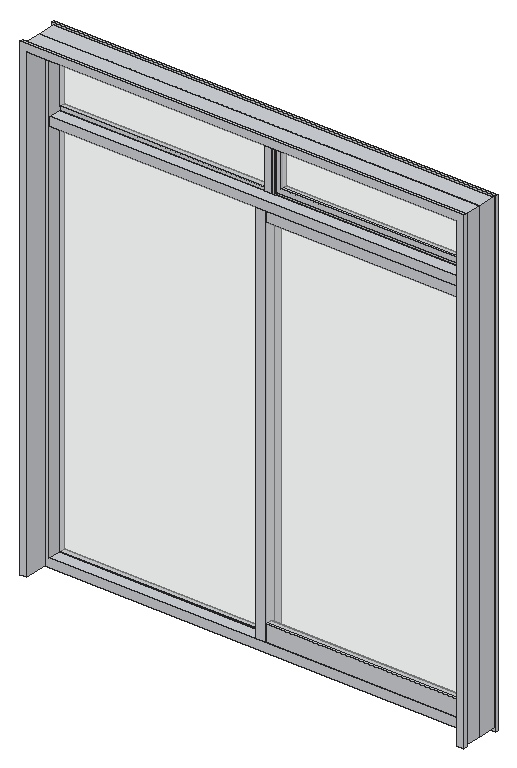
Revit family "APL Residential Thermal Heart Sliding Door SF with Overlight", category Doors, host Wall, Revit 2017
Family settings
  Host = Wall
  OmniClass Number = 23.30.10.00
  OmniClass Title = Doors
  Always vertical = Yes
  Cut with Voids When Loaded = No
  Shared = No
  Room Calculation Point = No
Parameters (values of type "Architrave")
  Rough Width = 2415 mm
  Rough Height = 2613 mm
  Liner Sill = no
  Liner Head = yes
  Liner End [instance] = 10 mm
  Liner [instance] = 106.7 mm
  Jamb Liner 2 = yes
  Jamb Liner 1 = yes
  Groove [instance] = 10 mm
  Function = Interior
  Frame Width Sill = 15 mm
  Frame Projection Ext. = 13 mm
  Frame Projection Int. = 20 mm
  Frame Width = 17.306 mm
  Height = Rough Height - 12.5 mm  # 2600.5 mm
  Wall Closure = By host
  Width = Rough Width - 15 mm  # 2400 mm
  Reveal Liner = no
  Door Lenght [instance] = 2200.5 mm
  Awning = 400 mm
  Arrow Opening = yes
  Architrave = yes
  Analytic Construction = "<None>"
Reference planes
  plane 1: y = 0
  plane 2 "Center (Left/Right)": x = -43
  plane 3 "Left": x = -1250.5
  plane 4 "Right": x = 1164.5
  plane 5: z = 2613
  plane 6 "Exterior": y = 100
  plane 7 "Interior": y = -100
  plane 8: z = 2213
Forms (mm)
  Extrusion 1, solid, visible <- "Architrave"
    sketch origin (0, -100, 0) x (1, 0, 0) y (0, 0, 1)
      loop
        line (-1250.5, 2613) -> (-1250.5, 0) -> (-1222.396, 0) -> (-1222.396, 2584.896) -> (1136.396, 2584.896) -> (1136.396, 0) -> (1164.5, 0) -> (1164.5, 2613) -> (-1250.5, 2613)
    from 0 to -103.35
  Extrusion 2, solid, visible <- "Architrave"
    sketch origin (-60, -100, 0) x (1, 0, 0) y (0, 0, 1)
      loop
        line (-1202, 2624.5) -> (-1202, 0) -> (-1162.396, 0) -> (-1162.396, 2584.896) -> (1196.396, 2584.896) -> (1196.396, -0.049) -> (1236, -0.049) -> (1236, 2624.5) -> (-1202, 2624.5)
    from 19.85 to 0
  Sweep 3, solid, visible <- "Reveal Liner"
    path origin (0, -100, 0) x (1, 0, 0) y (0, 0, 1)
      loop
        line (-1250.5, -0.049) -> (-1250.5, 2613) -> (1164.5, 2613) -> (1164.5, -0.049)
    profile origin (-1250.5, -100, 1306.475) x (-1, 0, 0) y (0, -1, 0)
      loop
        line (-9.104, 19.85) -> (-28.104, 19.85) -> (-28.104, -103.35) -> (0, -103.35) -> (0, -0.15) -> (-14.669, -0.15) -> (-14.669, 9.85) -> (-9.104, 9.85) -> (-9.104, 19.85)
  Extrusion 4, solid
    sketch origin (0, 100, -2.978) x (1, 0, 0) y (0, 0, 1)
      loop
        line (1164.5, 2615.978) -> (-1250.5, 2615.978) -> (-1250.5, 2.978) -> (1164.5, 2.978) -> (1164.5, 2615.978)
      loop
        line (1114, 2564.975) -> (-1200, 2564.975) -> (-1200, 50.478) -> (1114, 50.478) -> (1114, 2564.975)
    from 24.316 to 96.65
  Sweep 5, solid
    path origin (0, 100, 0) x (1, 0, 0) y (0, 0, 1)
      loop
        line (1199.692, 2647.7) -> (-1285.708, 2647.7) -> (-1285.708, -38.2) -> (1199.692, -38.2) -> (1199.692, 2647.7)
    profile origin (-1285.708, 100, 1304.75) x (0, -1, 0) y (1, 0, 0)
      loop
        line (-12.35, 22.708) -> (0, 22.708) -> (0, 42.708) -> (24.316, 42.708) -> (24.316, 66.708) -> (-18.35, 66.708) -> (-18.35, 43.708) -> (-12.35, 37.708) -> (-12.35, 22.708)
  Extrusion 6, solid
    sketch origin (-43, 0, 2243.4) x (0, 1, 0) y (0, 0, 1)
      loop
        line (45.951, -2195.899) -> (45.951, -2105.099) -> (9.95, -2105.099) -> (9.95, -2195.899) -> (45.951, -2195.899)
    from 25.41 to 1103.759
  Extrusion 7, solid
    sketch origin (0, 0, 0) x (1, 0, 0) y (0, 1, 0)
      loop
        line (1114, 45.951) -> (1060.759, 45.951) -> (1060.759, 9.95) -> (1114, 9.95) -> (1114, 45.951)
    from 47.5 to 2174.834
  Extrusion 8, solid
    sketch origin (0, 0, 0) x (1, 0, 0) y (0, 1, 0)
      loop
        line (-17.59, 40.65) -> (-17.59, 16.65) -> (1060.759, 16.65) -> (1060.759, 40.65) -> (-17.59, 40.65)
    from 138.3 to 2114.023
  Extrusion 9, solid
    sketch origin (0, 0, 0) x (1, 0, 0) y (0, 1, 0)
      loop
        line (-69.805, 78.85) -> (-69.805, 102.85) -> (-1200, 102.85) -> (-1200, 78.85) -> (-69.805, 78.85)
    from 47.5 to 2173.684
  Sweep 10, solid
    path origin (0, 100, 0) x (1, 0, 0) y (0, 0, 1)
      loop
        line (-69.805, 47.5) -> (-69.805, 2173.684) -> (-1200, 2173.684) -> (-1200, 47.5) -> (-69.805, 47.5)
    profile origin (-1200, 100, 1110.592) x (0, -1, 0) y (1, 0, 0)
      loop
        line (-3.964, 0) -> (-18.35, -14.386) -> (-18.35, -19) -> (24.316, -19) -> (24.316, 0) -> (-3.964, 0)
  Extrusion 11, solid
    sketch origin (0, 0, 0) x (1, 0, 0) y (0, 1, 0)
      loop
        line (-17.59, 75.684) -> (-69.805, 75.684) -> (-69.805, 9.95) -> (-17.59, 9.95) -> (-17.59, 75.684)
    from 28.5 to 2174.834
  Extrusion 12, solid
    sketch origin (0, 0, 0) x (1, 0, 0) y (0, 1, 0)
      loop
        line (-50.805, 75.684) -> (-17.59, 75.684) -> (-17.59, 118.35) -> (-50.805, 118.35) -> (-50.805, 75.684)
    from 28.508 to 2192.872
  Sweep 13, solid
    path origin (0, 100, 0) x (1, 0, 0) y (0, 0, 1)
      loop
        line (-17.59, 2175.95) -> (1115.82, 2175.95) -> (1115.82, 46.5) -> (-17.59, 46.5)
    profile origin (1115.82, 100, 1111.225) x (0, -1, 0) y (1, 0, 0)
      loop
        line (24.316, 17.992) -> (-18.35, 17.992) -> (-18.35, 16.674) -> (24.316, -0.999) -> (24.316, 17.992)
  Extrusion 14, solid
    sketch origin (-15, 100, -2.978) x (1, 0, 0) y (0, 0, 1)
      loop
        line (1179.5, 2615.978) -> (-1235.5, 2615.978) -> (-1235.5, 2.978) -> (1179.5, 2.978) -> (1179.5, 2615.978)
      loop
        line (1172, 2607.978) -> (-1228, 2607.978) -> (-1228, 7.478) -> (1172, 7.478) -> (1172, 2607.978)
    from 0 to 24.316
  Sweep 15, solid
    path origin (0, 100, 0) x (1, 0, 0) y (0, 0, 1)
      loop
        line (-36.493, 2584.408) -> (-36.493, 2208.145) -> (1136.396, 2208.145) -> (1136.396, 2584.408) -> (-36.493, 2584.408)
    profile origin (1136.396, 100, 2396.277) x (0, -1, 0) y (1, 0, 0)
      loop
        line (-24.75, 2.103) -> (-24.75, -39.68) -> (-12.738, -51.692) -> (21.773, -51.692) -> (21.773, -22.605) -> (24.316, -22.605) -> (24.316, -16.397) -> (-18.35, -16.397) -> (-18.35, 2.103) -> (-24.75, 2.103)
  Extrusion 16, solid
    sketch origin (-86, 0, 0) x (-1, 0, 0) y (0, -1, 0)
      loop
        line (-1170.705, -87.75) -> (-1170.705, -111.75) -> (-101.199, -111.75) -> (-101.199, -87.75) -> (-1170.705, -87.75)
    from 2259.9 to 2532.716
  Sweep 17, solid
    path origin (19, 100, 379.7) x (1, 0, 0) y (0, 0, 1)
      loop
        line (-91, 1862.347) -> (-91, 2182.298) -> (-1219, 2182.298) -> (-1219, 1862.347) -> (-91, 1862.347)
    profile origin (-1200, 100, 2402.023) x (0, -1, 0) y (1, 0, 0)
      loop
        line (-3.964, 0) -> (-18.35, -14.386) -> (-18.35, -19) -> (24.316, -19) -> (24.316, 0) -> (-3.964, 0)
  Extrusion 18, solid
    sketch origin (-43, 0, 0) x (0, 1, 0) y (0, 0, 1)
      loop
        line (118.35, 2223.004) -> (75.684, 2223.004) -> (75.684, 2175.199) -> (118.35, 2192.872) -> (118.35, 2223.004)
    from -1176 to 1175.983
  Extrusion 19, solid
    sketch origin (-86, 0, 360) x (-1, 0, 0) y (0, -1, 0)
      loop
        line (-14, -75.684) -> (-14, -102.85) -> (1114, -102.85) -> (1114, -75.684) -> (-14, -75.684)
    from 1882.047 to 2201.998
  Extrusion 20, solid
    sketch origin (-43, 0, 0) x (0, 1, 0) y (0, 0, 1)
      loop
        line (75.684, 2223.004) -> (3.35, 2223.004) -> (3.35, 2174.834) -> (75.684, 2174.834) -> (75.684, 2223.004)
    from -1157 to 1157
  Extrusion 21, solid
    sketch origin (-1250.5, -100, 1306.475) x (-1, 0, 0) y (0, -1, 0)
      loop
        line (-1197.5, -218.35) -> (-1197.5, -175.489) -> (-1178.611, -175.489) -> (-1178.611, -172.55) -> (-1236.612, -172.55) -> (-1236.612, -175.684) -> (-1217.404, -175.684) -> (-1217.404, -218.35) -> (-1197.5, -218.35)
    from 916.572 to 1274.516
  Extrusion 22, solid
    sketch origin (-43, 0, -21.066) x (0, 1, 0) y (0, 0, 1)
      loop
        line (9.95, 2195.899) -> (9.95, 2135.089) -> (45.951, 2135.089) -> (45.951, 2195.899) -> (9.95, 2195.899)
    from 25.41 to 1103.759
Cuts and joins
  joined: Extrusion 1, Extrusion 2
  joined: Extrusion 4, Sweep 5, Sweep 13, Extrusion 14
Lines and regions (mm)
  Opening 1
    outline origin (-5000.306, -100, 0) x (1, 0, 0) y (0, 0, 1)
      loop
        line (6164.806, 2613) -> (3749.806, 2613) -> (3749.806, 0) -> (6164.806, 0) -> (6164.806, 2613)
  symbolic lines, style "DoorsOpeningProjection", visible <- "Arrow Opening"
    curve 1: line (747.149, 100, 1106.5) -> (247.149, 100, 1106.5)
    curve 2: line (247.149, 100, 1106.5) -> (343.742, 100, 1132.382)
  symbolic lines, style "DoorsOpeningProjection"
    curve 3: line (798.201, 157.712, 0) -> (298.201, 157.712, 0)
    curve 4: line (298.201, 157.712, 0) -> (394.794, 183.594, 0)
  symbolic lines, style "Elevation Swing"
    curve 5: line (548.798, 100, 2532.716) -> (1084.705, 100, 2259.837)
    curve 6: line (548.798, 100, 2532.716) -> (15.199, 100, 2259.9)
Text (mm)
  text "Exterior" at (-2295.016, 1652.778, 0), in view "Ref. Level"
  text "Exterior" at (0, 1615.38, 3698.081), in view "Left"
  text "Exterior" at (0, 1036.032, 3874.932), in view "Right"
Dimensions and locks
  equal spacing: plane 3 "Left", plane 2 "Center (Left/Right)", plane 4 "Right"
  "Rough Width": plane 3 "Left" to plane 4 "Right"
  "Rough Height": plane 5 to host wall
  locked: plane 6 "Exterior" to host wall at 0
  locked: plane 7 "Interior" to host wall
  equal spacing: level, curve 1, plane 8
  Extrusion 7 to plane 5 = 438.166 mm
  cut or joined group of Extrusion 4, Sweep 5, Sweep 13, Extrusion 14 to cut or joined group of Extrusion 4, Sweep 5, Sweep 13, Extrusion 14 = 50.5 mm
  plane 3 "Left" to cut or joined group of Extrusion 4, Sweep 5, Sweep 13, Extrusion 14 = 50.5 mm  (x2)
  locked: cut or joined group of Extrusion 4, Sweep 5, Sweep 13, Extrusion 14 to plane 3 "Left" at 12.5
  locked: plane 3 "Left" to Sweep 10 at 31.5
  locked: cut or joined group of Extrusion 1, Extrusion 2 to cut or joined group of Extrusion 1, Extrusion 2 at 28.104  (x2)
  locked: cut or joined group of Extrusion 4, Sweep 5, Sweep 13, Extrusion 14 to plane 6 "Exterior" at 96.65
  cut or joined group of Extrusion 4, Sweep 5, Sweep 13, Extrusion 14 to Extrusion 7 to Extrusion 8 to Extrusion 8 to Extrusion 7 to cut or joined group of Extrusion 4, Sweep 5, Sweep 13, Extrusion 14 to plane 6 "Exterior" to Sweep 13 = 6.6 mm locked, 6.7 mm, 24 mm locked, 5.301 mm, 29.733 mm locked, 24.316 mm locked, 18.35 mm locked
  locked: Extrusion 7 to cut or joined group of Extrusion 4, Sweep 5, Sweep 13, Extrusion 14 at 53.241
  Extrusion 11 to plane 2 "Center (Left/Right)" to Extrusion 11 = 26.805 mm locked, 25.41 mm locked
  locked: cut or joined group of Extrusion 4, Sweep 5, Sweep 13, Extrusion 14 to plane 4 "Right" at 50.5  (x2)
  Extrusion 12 to plane 5 = 420.128 mm
  locked: curve 3 to curve 3 at 500
  locked: curve 4 to curve 4 at 100
  locked: plane 8 to plane 5 at 400
  locked: curve 1 to curve 1 at 500
  locked: curve 2 to curve 2 at 100
  Extrusion 20 to plane 8 to Extrusion 20 = 10.004 mm locked, 38.166 mm locked
  locked: plane 6 "Exterior" to Extrusion 11 at 90.05
  locked: Extrusion 8 to plane 5 at 498.977
  locked: Extrusion 9 to plane 5 at 439.316
  locked: Extrusion 12 to plane 8 at 20.128
  locked: Extrusion 8 to plane 8 at 98.977
  locked: Extrusion 20 to plane 5 at 438.166
  locked: Extrusion 7 to plane 8 at 38.166
  locked: Extrusion 16 to plane 5 at 80.284
  locked: plane 8 to Extrusion 16 at 46.9
  locked: Extrusion 19 to plane 5 at 51.002
  locked: plane 8 to Extrusion 19 at 29.047
  locked: plane 8 to Extrusion 11 at 38.166
  locked: plane 3 "Left" to nested 2 at 7.5
  locked: plane 3 "Left" to nested 3 at 7.5
  Sweep 15 to Sweep 15 to Extrusion 18 to plane 4 "Right" = 35.295 mm locked, 12.984 mm locked, 31.517 mm locked
  plane 2 "Center (Left/Right)" to Sweep 15 to cut or joined group of Extrusion 4, Sweep 5, Sweep 13, Extrusion 14 to Sweep 15 = 22.904 mm locked, 2.506 mm locked, 32.789 mm locked
  Sweep 17 to plane 2 "Center (Left/Right)" = 29 mm
  locked: plane 3 "Left" to Extrusion 20 at 50.5
  locked: Sweep 15 to plane 4 "Right" at 44.5
  locked: plane 4 "Right" to cut or joined group of Extrusion 4, Sweep 5, Sweep 13, Extrusion 14 at 12.483
  Extrusion 16 to Sweep 15 sketch curve = 35.295 mm
  Sweep 15 sketch curve to Sweep 15 sketch curve = 46.523 mm
  locked: cut or joined group of Extrusion 4, Sweep 5, Sweep 13, Extrusion 14 to cut or joined group of Extrusion 4, Sweep 5, Sweep 13, Extrusion 14 at 6
  locked: Extrusion 8 to Extrusion 8 at 24
  locked: plane 8 to Extrusion 21 at 10.047
  locked: Extrusion 21 to plane 5 at 32.008
  locked: nested 1 to plane 6 "Exterior" at 5.488
  nested 1 to level = 4.515 mm
  locked: Extrusion 6 to Extrusion 8 at 6.7
  locked: plane 4 "Right" to Extrusion 22 at 103.741
  locked: plane 2 "Center (Left/Right)" to Extrusion 22 at 25.41
  locked: Extrusion 22 to plane 8 at 98.977
  locked: Extrusion 22 to plane 8 at 38.166
  locked: nested 1 to plane 5 at 7.985
  level to plane 8 = 2213 mm
  locked: curve 3 to curve 4 (angle 15.00°)
  locked: curve 2 to curve 1 (angle 15.00°)
  locked: Extrusion 16 to Sweep 15 sketch curve (angle 135.00°)
  locked: Sweep 15 sketch curve to Sweep 15 sketch curve (angle 135.00°)
  aligned and locked: host wall to plane 1
  aligned and locked: Extrusion 14 to level
  aligned and locked: Extrusion 6 to Extrusion 7  (x2)
  aligned and locked: Sweep 3 sketch curve to cut or joined group of Extrusion 4, Sweep 5, Sweep 13, Extrusion 14
  aligned and locked: Extrusion 4 to Sweep 13
  aligned and locked: Extrusion 14 to Extrusion 4
  aligned and locked: Extrusion 1 to Sweep 3  (x2)
  aligned and locked: Extrusion 7 to Extrusion 8
  aligned and locked: Extrusion 1 to level
  aligned and locked: Extrusion 1 to Extrusion 2
  aligned and locked: Sweep 15 to Extrusion 16
  aligned and locked: Extrusion 4 to Sweep 17
  aligned and locked: Extrusion 20 to cut or joined group of Extrusion 4, Sweep 5, Sweep 13, Extrusion 14  (x2)
  aligned and locked: Extrusion 19 to cut or joined group of Extrusion 4, Sweep 5, Sweep 13, Extrusion 14
  aligned and locked: Extrusion 19 to Sweep 17
  aligned and locked: Extrusion 18 to cut or joined group of Extrusion 4, Sweep 5, Sweep 13, Extrusion 14  (x2)
  aligned and locked: Extrusion 20 to Sweep 3
  aligned and locked: Extrusion 4 to Sweep 5
  aligned and locked: Extrusion 11 to Sweep 10
  aligned and locked: Extrusion 4 to Sweep 10
  aligned and locked: Extrusion 11 to Extrusion 6
  aligned and locked: Extrusion 7 to Extrusion 6
  aligned and locked: curve 6 to Extrusion 16
  aligned and locked: curve 5 to Sweep 15
  aligned and locked: Extrusion 7 to Extrusion 22
  aligned and locked: Extrusion 22 to Extrusion 7
Automatic sketch dimensions
  host wall to curve 3 = 57.712 mm
  plane 2 "Center (Left/Right)" to curve 3 = 341.201 mm
  plane 2 "Center (Left/Right)" to curve 2 = 290.149 mm
  plane 5 to curve 5 = 80.284 mm
  plane 2 "Center (Left/Right)" to curve 5 = 591.798 mm
  plane 2 "Center (Left/Right)" to curve 6 = 58.199 mm
  plane 4 "Right" to curve 5 = 79.795 mm
  plane 3 "Left" to Opening 1 sketch curve = 0 mm
  Opening 1 sketch curve to level = 0 mm
  plane 4 "Right" to Opening 1 sketch curve = 0 mm
  Opening 1 sketch curve to plane 5 = 0 mm
  Extrusion 1 sketch curve to level = 0 mm  (x2)
  plane 3 "Left" to Extrusion 1 sketch curve = 0 mm
  plane 4 "Right" to Extrusion 1 sketch curve = 0 mm
  Extrusion 1 sketch curve to plane 5 = 0 mm
  Extrusion 1 sketch curve to plane 3 "Left" = 28.104 mm
  plane 4 "Right" to Extrusion 1 sketch curve = 28.104 mm
  plane 5 to Extrusion 1 sketch curve = 28.104 mm
  Extrusion 2 sketch curve to level = 0 mm
  plane 3 "Left" to Extrusion 2 sketch curve = 11.5 mm
  Extrusion 2 sketch curve to plane 3 "Left" = 28.104 mm
  plane 4 "Right" to Extrusion 2 sketch curve = 28.104 mm
  Extrusion 2 sketch curve to plane 4 "Right" = 11.5 mm
  Extrusion 2 sketch curve to level = 0.049 mm
  plane 5 to Extrusion 2 sketch curve = 28.104 mm
  Extrusion 2 sketch curve to plane 5 = 11.5 mm
  plane 3 "Left" to Sweep 3 sketch curve = 0 mm
  plane 4 "Right" to Sweep 3 sketch curve = 0 mm
  Sweep 3 sketch curve to plane 5 = 0 mm
  Sweep 3 sketch curve to level = 0.049 mm  (x2)
  Sweep 3 sketch curve to profile plane = 0 mm
  profile plane to Sweep 3 sketch curve = 9.104 mm
  Sweep 3 sketch curve to Sweep 3 sketch curve = 5.565 mm
  profile plane to Sweep 3 sketch curve = 28.104 mm
  Sweep 3 sketch curve to plane 7 "Interior" = 0.15 mm
  plane 7 "Interior" to Sweep 3 sketch curve = 9.85 mm
  Sweep 3 sketch curve to Sweep 3 sketch curve = 10 mm
  plane 3 "Left" to Extrusion 4 sketch curve = 0 mm
  plane 4 "Right" to Extrusion 4 sketch curve = 0 mm
  Extrusion 4 sketch curve to level = 0 mm
  Extrusion 4 sketch curve to plane 5 = 0 mm
  Extrusion 4 sketch curve to plane 3 "Left" = 50.5 mm
  plane 4 "Right" to Extrusion 4 sketch curve = 50.5 mm
  level to Extrusion 4 sketch curve = 47.5 mm
  plane 5 to Extrusion 4 sketch curve = 51.002 mm
  plane 3 "Left" to Sweep 5 sketch curve = 35.208 mm
  Sweep 5 sketch curve to plane 4 "Right" = 35.192 mm
  Sweep 5 sketch curve to level = 38.2 mm
  Sweep 5 sketch curve to plane 5 = 34.7 mm
  plane 6 "Exterior" to Sweep 5 sketch curve = 0 mm
  Sweep 5 sketch curve to plane 6 "Exterior" = 12.35 mm
  Sweep 5 sketch curve to plane 6 "Exterior" = 18.35 mm
  Sweep 5 sketch curve to Sweep 5 sketch curve = 24.316 mm
  Sweep 5 sketch curve to profile plane = 22.708 mm
  Sweep 5 sketch curve to Sweep 5 sketch curve = 15 mm
  Sweep 5 sketch curve to Sweep 5 sketch curve = 20 mm
  Sweep 5 sketch curve to Sweep 5 sketch curve = 6 mm
  Sweep 5 sketch curve to Sweep 5 sketch curve = 23 mm
  host wall to Extrusion 6 sketch curve = 9.95 mm
  Extrusion 6 sketch curve to Extrusion 6 sketch curve = 36.001 mm
  Extrusion 6 sketch curve to level = 138.3 mm
  Extrusion 6 sketch curve to level = 47.5 mm
  Extrusion 7 sketch curve to host wall = 45.951 mm
  plane 4 "Right" to Extrusion 7 sketch curve = 103.741 mm
  Extrusion 7 sketch curve to host wall = 9.95 mm
  plane 4 "Right" to Extrusion 7 sketch curve = 50.5 mm
  plane 2 "Center (Left/Right)" to Extrusion 8 sketch curve = 25.41 mm
  Extrusion 8 sketch curve to host wall = 16.65 mm
  plane 4 "Right" to Extrusion 8 sketch curve = 103.741 mm
  Extrusion 8 sketch curve to Extrusion 8 sketch curve = 24 mm
  Extrusion 9 sketch curve to host wall = 21.15 mm
  Extrusion 9 sketch curve to plane 3 "Left" = 50.5 mm
  host wall to Extrusion 9 sketch curve = 2.85 mm
  Extrusion 9 sketch curve to plane 2 "Center (Left/Right)" = 26.805 mm
  Sweep 10 sketch curve to plane 3 "Left" = 50.5 mm
  Sweep 10 sketch curve to plane 2 "Center (Left/Right)" = 26.805 mm
  level to Sweep 10 sketch curve = 47.5 mm
  Sweep 10 sketch curve to plane 8 = 39.316 mm
  Sweep 10 sketch curve to profile plane = 0 mm
  Sweep 10 sketch curve to plane 6 "Exterior" = 18.35 mm
  Sweep 10 sketch curve to plane 6 "Exterior" = 3.964 mm
  plane 6 "Exterior" to Sweep 10 sketch curve = 24.316 mm
  profile plane to Sweep 10 sketch curve = 14.386 mm
  Sweep 10 sketch curve to Sweep 10 sketch curve = 19 mm
  Extrusion 11 sketch curve to plane 2 "Center (Left/Right)" = 26.805 mm
  Extrusion 11 sketch curve to host wall = 9.95 mm
  plane 2 "Center (Left/Right)" to Extrusion 11 sketch curve = 25.41 mm
  Extrusion 11 sketch curve to host wall = 24.316 mm
  Extrusion 12 sketch curve to plane 2 "Center (Left/Right)" = 7.805 mm
  plane 2 "Center (Left/Right)" to Extrusion 12 sketch curve = 25.41 mm
  Extrusion 12 sketch curve to host wall = 24.316 mm
  host wall to Extrusion 12 sketch curve = 18.35 mm
  plane 4 "Right" to Sweep 13 sketch curve = 48.68 mm
  level to Sweep 13 sketch curve = 46.5 mm
  Sweep 13 sketch curve to plane 8 = 37.05 mm
  plane 2 "Center (Left/Right)" to Sweep 13 sketch curve = 25.41 mm  (x2)
  Sweep 13 sketch curve to plane 6 "Exterior" = 18.35 mm
  profile plane to Sweep 13 sketch curve = 0.999 mm
  plane 6 "Exterior" to Sweep 13 sketch curve = 24.316 mm
  Sweep 13 sketch curve to profile plane = 16.674 mm
  Sweep 13 sketch curve to Sweep 13 sketch curve = 1.318 mm
  plane 3 "Left" to Extrusion 14 sketch curve = 0 mm
  plane 4 "Right" to Extrusion 14 sketch curve = 0 mm
  Extrusion 14 sketch curve to level = 0 mm
  Extrusion 14 sketch curve to plane 5 = 0 mm
  Extrusion 14 sketch curve to plane 3 "Left" = 7.5 mm
  plane 4 "Right" to Extrusion 14 sketch curve = 7.5 mm
  level to Extrusion 14 sketch curve = 4.5 mm
  plane 5 to Extrusion 14 sketch curve = 8 mm
  plane 2 "Center (Left/Right)" to Sweep 15 sketch curve = 6.507 mm
  Sweep 15 sketch curve to plane 8 = 4.855 mm
  plane 4 "Right" to Sweep 15 sketch curve = 28.104 mm
  plane 5 to Sweep 15 sketch curve = 28.592 mm
  Sweep 15 sketch curve to profile plane = 2.103 mm
  Sweep 15 sketch curve to plane 6 "Exterior" = 24.75 mm
  Sweep 15 sketch curve to Sweep 15 sketch curve = 6.4 mm
  Sweep 15 sketch curve to plane 6 "Exterior" = 12.738 mm
  Sweep 15 sketch curve to Sweep 15 sketch curve = 2.542 mm
  Sweep 15 sketch curve to Sweep 15 sketch curve = 6.209 mm
  Sweep 15 sketch curve to Sweep 15 sketch curve = 23.283 mm
  host wall to Extrusion 16 sketch curve = 11.75 mm
  plane 4 "Right" to Extrusion 16 sketch curve = 79.795 mm
  plane 2 "Center (Left/Right)" to Extrusion 16 sketch curve = 58.199 mm
  Extrusion 16 sketch curve to host wall = 12.25 mm
  Sweep 17 sketch curve to plane 3 "Left" = 50.5 mm
  Sweep 17 sketch curve to plane 2 "Center (Left/Right)" = 29 mm
  plane 8 to Sweep 17 sketch curve = 29.047 mm
  plane 5 to Sweep 17 sketch curve = 51.002 mm
  Sweep 17 sketch curve to profile plane = 0 mm
  Sweep 17 sketch curve to plane 6 "Exterior" = 18.35 mm
  Sweep 17 sketch curve to plane 6 "Exterior" = 3.964 mm
  plane 6 "Exterior" to Sweep 17 sketch curve = 24.316 mm
  profile plane to Sweep 17 sketch curve = 14.386 mm
  Sweep 17 sketch curve to Sweep 17 sketch curve = 19 mm
  plane 8 to Extrusion 18 sketch curve = 10.004 mm
  Extrusion 18 sketch curve to host wall = 24.316 mm
  host wall to Extrusion 18 sketch curve = 18.35 mm
  Extrusion 18 sketch curve to plane 8 = 20.128 mm
  Extrusion 18 sketch curve to plane 8 = 37.801 mm
  host wall to Extrusion 19 sketch curve = 2.85 mm
  Extrusion 19 sketch curve to plane 2 "Center (Left/Right)" = 29 mm
  Extrusion 19 sketch curve to plane 3 "Left" = 50.5 mm
  Extrusion 19 sketch curve to host wall = 24.316 mm
  Extrusion 20 sketch curve to host wall = 3.35 mm
  Extrusion 20 sketch curve to host wall = 24.316 mm
  Extrusion 20 sketch curve to plane 8 = 38.166 mm
  plane 8 to Extrusion 20 sketch curve = 10.004 mm
  plane 2 "Center (Left/Right)" to Extrusion 21 sketch curve = 29.112 mm
  plane 2 "Center (Left/Right)" to Extrusion 21 sketch curve = 9.904 mm
  Extrusion 21 sketch curve to plane 2 "Center (Left/Right)" = 10 mm
  Extrusion 21 sketch curve to Extrusion 21 sketch curve = 18.889 mm
  host wall to Extrusion 21 sketch curve = 18.35 mm
  Extrusion 21 sketch curve to host wall = 24.316 mm
  Extrusion 21 sketch curve to host wall = 24.511 mm
  Extrusion 21 sketch curve to Extrusion 21 sketch curve = 2.939 mm
  Extrusion 22 sketch curve to host wall = 45.951 mm
  Extrusion 22 sketch curve to Extrusion 22 sketch curve = 36.001 mm
  Extrusion 22 sketch curve to plane 8 = 98.977 mm
  Extrusion 22 sketch curve to plane 8 = 38.166 mm
Nested families
  nested 1: "APL Residential Thermal Heart Sliding Door SF with Overlight Vertical Section" at (-1263, -277.596, 177.913) x (0, -1, 0) z (1, 0, 0), Door Length <- "Door Lenght", Box Height <- "Height", Groove <- "Groove", Liner <- "Liner", Liner End <- "Liner End", Awning Length <- "Awning", type "Groove Liner"
    with Liner End 10 mm, Liner 106.7 mm, Groove 10 mm, Glass Window Length 299 mm, Glass Door Length 2001.5 mm, Door Length 2200.5 mm, Box Height 2600.5 mm, Awning Length 400 mm
  nested 2: "APL Residential Thermal Heart Sliding Door SF Horizontal Section" at (-742.917, 157.796, -15.492), Box Width <- "Width", Groove <- "Groove", Liner <- "Liner", Liner End <- "Liner End", type "Groove Liner"
    with Liner End 10 mm, Liner 106.7 mm, Groove 10 mm, Glass Length 1104 mm, Glass Fixed Length 1156 mm, Box Width 2400 mm
  nested 3: "APL Residential Thermal Heart Sliding Door SF Overlight Horizontal Section" at (-742.917, 157.796, 0), Box Width <- "Width", Groove <- "Groove", Liner <- "Liner", Liner End <- "Liner End", type "Groove Liner"
    with Liner End 10 mm, Liner 106.7 mm, Groove 10 mm, Glass Length 1096 mm, Glass Fixed Length 1153.5 mm, Box Width 2400 mm
Definition of nested family "APL Residential Thermal Heart Sliding Door SF with Overlight Vertical Section"
  Parameters (values of type "Groove Liner")
    Sill Liner = yes
    Liner End [instance] = 10 mm
    Liner Block = Liner : Liner
    Liner [instance] = 99.512 mm
    Head Liner = yes
    Groove [instance] = 10 mm
    Glass Window Length [instance] = 299 mm  # constant formula
    Glass Door Length [instance] = Door Length - 199 mm  # 501 mm
    Door Length [instance] = Box Height - Awning Length  # 700 mm
    Box Height [instance] = 1100 mm
    Awning Length [instance] = 400 mm
  Types (2, lengths in mm): name | Liner Block | Liner | Glass Door Length | Door Length | Box Height | Awning Length
    Groove Liner | Liner : Liner | 99.512 | 501 | 700 | 1100 | 400
    Liner | Liner No Groove : Liner No Groove | 100 | 201 | 400 | 850 | 450
  Reference planes
    plane 1 "Center (Front/Back)": x = -395.946
    plane 2: z = 0
    plane 3 "Center (Left/Right)": y = 526.603
    plane 4: y = 926.603
    plane 5: y = -173.397
    plane 6: x = -284.446
    plane 7: x = -284.446
    plane 8: x = -377.596
    plane 9: y = -178.397
    plane 10: x = -383.084
  Dimensions and locks
    "Box Height": plane 4 to plane 5
    "Liner": plane 6 to nested 1
    "Liner": plane 7 to nested 2
    locked: nested 2 to nested 5 at 22.397
    locked: plane 9 to nested 5 at 5
    nested 5 to plane 8 = 5.488 mm
    locked: nested 3 to nested 6 at 6
    locked: nested 6 to nested 9 at 6
    locked: plane 4 to plane 3 "Center (Left/Right)" at 400
    "Door Length": plane 5 to plane 3 "Center (Left/Right)"
    locked: nested 8 to nested 7 at 59.059
    locked: nested 8 to nested 7 at 6.058
    locked: plane 3 "Center (Left/Right)" to nested 9 at 41.885
    locked: nested 3 to plane 3 "Center (Left/Right)" at 78.011
    locked: nested 5 to nested 4 at 6
    locked: plane 5 to nested 4 at 120.801
    locked: nested 7 to nested 1 at 22.397
    aligned and locked: plane 7 to nested 2
    aligned and locked: plane 6 to nested 1
    aligned and locked: plane 4 to nested 7
    aligned and locked: plane 5 to nested 5
  Nested families
    nested 1: "Liner" at (-284.446, 905.999, 0), type <- "Liner Block", visible <- "Head Liner", type "Liner", in view "Left", detail levels fine
      with built-in parameter 1001306 0.32648 (stored number, unit not read), Groove 10 mm, End Liner 10 mm
    nested 2: "Liner" at (-284.446, -152.794, 0), type <- "Liner Block", visible <- "Sill Liner", type "Liner", in view "Left", detail levels fine
      with built-in parameter 1001306 0.32648 (stored number, unit not read), Groove 10 mm, End Liner 10 mm
    nested 3: "Glass" at (-318.244, 448.591, 0), Glass Lenght <- "Glass Door Length", type "Glass", in view "Left", detail levels fine
      with Glass Lenght 501 mm
    nested 4: "Glass" at (-318.244, -52.597, 0), Glass Lenght <- "Glass Door Length", type "Glass", in view "Left", detail levels fine
      with Glass Lenght 501 mm
    nested 5: "Sill Two Panel" at (-309.404, -173.397, 0), type "Sill Two Panel", in view "Left", detail levels fine
    nested 6: "Two Panel Overlight" at (-395.911, 554.488, 0), type "Two Panel Overlight", in view "Left", detail levels fine
    nested 7: "Head Sash" at (-395.946, 926.603, 0) x (0, -1, 0) z (0, 0, 1), type "Head Sash", in view "Left", detail levels fine
    nested 8: "Glazing" at (-389.346, 867.544, 0), Glass Lenght <- "Glass Window Length", type "Glazing", in view "Left", detail levels fine
      with Glass Lenght 299 mm
    nested 9: "Glazing" at (-389.346, 568.488, 0), Glass Lenght <- "Glass Window Length", type "Glazing", in view "Left", detail levels fine
      with Glass Lenght 299 mm
  Definition of nested family "Liner"
    Parameters (values of type "Liner")
      Type Image = (empty or 0)
      built-in parameter 1001306 [instance] = 100 mm
      Groove [instance] = 10 mm
      End Liner [instance] = 10 mm
    Reference planes
      plane 1 "Center (Front/Back)": y = 0
      plane 2: z = 0
      plane 3 "Left": x = 0
      plane 4 "Right": x = 100
    Lines and regions (mm)
      Filled region 1, type "Brick", in view "Ref. Level"
        outline origin (0, 0, 0) x (1, 0, 0) y (0, 1, 0)
          loop
            line (0, 0) -> (120, 0) -> (120, 19) -> (110, 19) -> (110, 13.435) -> (100, 13.435) -> (100, 19) -> (0, 19) -> (0, 0)
      reference lines, in view "Ref. Level"
        curve 1: line (0, 0, 0) -> (100, 0, 0)
      detail lines, in view "Ref. Level", detail levels fine
        curve 2: line (100, 0, 0) -> (0, 0, 0)
    Dimensions and locks
      "built-in parameter 1001306": plane 3 "Left" to plane 4 "Right"
      locked: Filled region 1 to curve 2 at 19
      "Groove": plane 4 "Right" to Filled region 1
      "End Liner": Filled region 1 to Filled region 1
      aligned and locked: plane 1 "Center (Front/Back)" to curve 1
      aligned and locked: plane 3 "Left" to curve 1
      aligned and locked: plane 4 "Right" to curve 1
      aligned and locked: curve 1 to Filled region 1
      aligned and locked: plane 1 "Center (Front/Back)" to Filled region 1
      aligned and locked: Filled region 1 to plane 3 "Left"
    Automatic sketch dimensions
      curve 2 to plane 4 "Right" = 0 mm
      Filled region 1 sketch curve to plane 3 "Left" = 0 mm
      Filled region 1 sketch curve to plane 4 "Right" = 0 mm
      Filled region 1 sketch curve to Filled region 1 sketch curve = 10 mm  (x2)
      Filled region 1 sketch curve to plane 1 "Center (Front/Back)" = 0 mm
      Filled region 1 sketch curve to plane 1 "Center (Front/Back)" = 13.435 mm
      Filled region 1 sketch curve to Filled region 1 sketch curve = 5.565 mm  (x2)
      curve 2 to plane 3 "Left" = 0 mm
  Definition of nested family "Glass"
    Parameters (values of type "Glass")
      Glass Lenght [instance] = 50 mm
    Reference planes
      plane 1 "Center (Front/Back)": y = 0
      plane 2: z = 0
      plane 3 "Center (Left/Right)": x = 0
      plane 4: y = -50
    Lines and regions (mm)
      Filled region 1, type "Solid Fill - Black", in view "Ref. Level"
        outline origin (0, 0, 0) x (1, 0, 0) y (0, 1, 0)
          loop
            line (4, 0) -> (4, -12) -> (20, -12) -> (20, 0) -> (4, 0)
      model lines, in view "Ref. Level"
        curve 1: line (4, -12, 0) -> (20, -12, 0)
        curve 2: line (0, -50, 0) -> (0, 0, 0)
        curve 3: line (0, 0, 0) -> (24, 0, 0)
        curve 4: line (24, 0, 0) -> (24, -50, 0)
        curve 5: line (20, 0, 0) -> (20, -50, 0)
        curve 6: line (4, 0, 0) -> (4, -50, 0)
      detail lines, in view "Ref. Level"
        curve 7: arc (25, -11.728, 0) -> (24.979, -11.828, 0) -> (24.92, -11.912, 0) r 0.25
        curve 8: arc (24.161, -12.614, 0) -> (24.042, -12.78, 0) -> (24, -12.981, 0) r 0.5
        curve 9: arc (24, -14.404, 0) -> (24.088, -14.594, 0) -> (24.289, -14.651, 0) r 0.25
        curve 10: arc (28.489, -13.997, 0) -> (28.647, -13.904, 0) -> (28.699, -13.728, 0) r 0.25
        curve 11: arc (27.5, -9.1, 0) -> (27.711, -8.984, 0) -> (27.727, -8.744, 0) r 0.25
        curve 12: arc (26.033, -5.114, 0) -> (25.642, -4.858, 0) -> (25.24, -5.095, 0) r 0.442
        curve 13: arc (24.864, -5.812, 0) -> (24.414, -6.357, 0) -> (24.052, -6.964, 0) r 4.62
        curve 14: arc (24.052, -6.964, 0) -> (24.013, -7.073, 0) -> (24, -7.187, 0) r 0.5
        curve 15: arc (24, -7.743, 0) -> (24.132, -7.931, 0) -> (24.353, -7.871, 0) r 0.2
        curve 16: arc (24.353, -7.871, 0) -> (24.514, -7.711, 0) -> (24.702, -7.581, 0) r 1.262
        curve 17: arc (24.702, -7.581, 0) -> (24.901, -7.583, 0) -> (25, -7.756, 0) r 0.2
        curve 18: arc (25, -8.353, 0) -> (24.962, -8.543, 0) -> (24.855, -8.705, 0) r 0.5
        curve 19: arc (24.855, -8.705, 0) -> (24.408, -9.237, 0) -> (24.051, -9.833, 0) r 4.3
        curve 20: arc (24.051, -9.833, 0) -> (24.013, -9.941, 0) -> (24, -10.054, 0) r 0.5
        curve 21: arc (24, -10.668, 0) -> (24.137, -10.858, 0) -> (24.361, -10.787, 0) r 0.2
        curve 22: arc (24.361, -10.787, 0) -> (24.512, -10.617, 0) -> (24.69, -10.476, 0) r 1.288
        curve 23: arc (24.69, -10.476, 0) -> (24.895, -10.467, 0) -> (25, -10.643, 0) r 0.2
        curve 24: line (24.92, -11.912, 0) -> (24.161, -12.614, 0)
        curve 25: line (24, -12.981, 0) -> (24, -14.404, 0)
        curve 26: line (24.289, -14.651, 0) -> (28.489, -13.997, 0)
        curve 27: line (28.699, -13.728, 0) -> (28.548, -12, 0)
        curve 28: line (28.548, -12, 0) -> (27, -12, 0)
        curve 29: line (27, -12, 0) -> (27, -9.1, 0)
        curve 30: line (27, -9.1, 0) -> (27.5, -9.1, 0)
        curve 31: line (27.727, -8.744, 0) -> (26.033, -5.114, 0)
        curve 32: line (25.24, -5.095, 0) -> (24.864, -5.812, 0)
        curve 33: line (24, -7.187, 0) -> (24, -7.743, 0)
        curve 34: line (25, -7.756, 0) -> (25, -8.353, 0)
        curve 35: line (24, -10.054, 0) -> (24, -10.668, 0)
        curve 36: line (25, -10.643, 0) -> (25, -11.728, 0)
        curve 87: arc (-0.25, -13, 0) -> (0, -12.75, 0) -> (-0.25, -12.5, 0) r 0.25
        curve 88: arc (-0.25, -9.45, 0) -> (0, -9.2, 0) -> (-0.25, -8.95, 0) r 0.25
        curve 89: arc (-0.25, -8.281, 0) -> (0, -8.031, 0) -> (-0.25, -7.781, 0) r 0.25
        curve 90: arc (-0.25, -7.113, 0) -> (0, -6.863, 0) -> (-0.25, -6.613, 0) r 0.25
        curve 91: line (-0.25, -5.444, 0) -> (-1, -5.444, 0)
        curve 92: line (-1, -5.444, 0) -> (-1, -9.45, 0)
        curve 93: line (-1, -9.45, 0) -> (-2.2, -9.45, 0)
        curve 94: line (-2.2, -9.45, 0) -> (-2.2, -8.7, 0)
        curve 95: line (-2.2, -8.7, 0) -> (-2.8, -8.7, 0)
        curve 96: line (-2.8, -8.7, 0) -> (-2.8, -11.8, 0)
        curve 97: line (-2.8, -11.8, 0) -> (-2.2, -11.8, 0)
        curve 98: line (-2.2, -11.8, 0) -> (-2.2, -11.05, 0)
        curve 99: line (-2.2, -11.05, 0) -> (-1, -11.05, 0)
        curve 100: line (-1, -11.05, 0) -> (-1, -13, 0)
        curve 101: line (-1, -13, 0) -> (-0.25, -13, 0)
        curve 102: line (-0.25, -12.5, 0) -> (-0.25, -9.45, 0)
        curve 103: line (-0.25, -8.95, 0) -> (-0.25, -8.281, 0)
        curve 104: line (-0.25, -7.781, 0) -> (-0.25, -7.113, 0)
        curve 105: line (-0.25, -6.613, 0) -> (-0.25, -5.944, 0)
        curve 106: arc (-0.25, -5.944, 0) -> (0, -5.694, 0) -> (-0.25, -5.444, 0) r 0.25
      detail lines, in view "Ref. Level", not visible
        curve 37: arc (-0.25, -4.9, 0) -> (0, -5.15, 0) -> (-0.25, -5.4, 0) r 0.25
        curve 38: arc (-0.25, -8.45, 0) -> (0, -8.7, 0) -> (-0.25, -8.95, 0) r 0.25
        curve 39: arc (-0.25, -9.619, 0) -> (0, -9.869, 0) -> (-0.25, -10.119, 0) r 0.25
        curve 40: arc (-0.25, -10.787, 0) -> (0, -11.037, 0) -> (-0.25, -11.287, 0) r 0.25
        curve 41: line (-0.25, -12.456, 0) -> (-1, -12.456, 0)
        curve 42: line (-1, -12.456, 0) -> (-1, -8.45, 0)
        curve 43: line (-1, -8.45, 0) -> (-2.2, -8.45, 0)
        curve 44: line (-2.2, -8.45, 0) -> (-2.2, -9.2, 0)
        curve 45: line (-2.2, -9.2, 0) -> (-2.8, -9.2, 0)
        curve 46: line (-2.8, -9.2, 0) -> (-2.8, -6.1, 0)
        curve 47: line (-2.8, -6.1, 0) -> (-2.2, -6.1, 0)
        curve 48: line (-2.2, -6.1, 0) -> (-2.2, -6.85, 0)
        curve 49: line (-2.2, -6.85, 0) -> (-1, -6.85, 0)
        curve 50: line (-1, -6.85, 0) -> (-1, -4.9, 0)
        curve 51: line (-1, -4.9, 0) -> (-0.25, -4.9, 0)
        curve 52: line (-0.25, -5.4, 0) -> (-0.25, -8.45, 0)
        curve 53: line (-0.25, -8.95, 0) -> (-0.25, -9.619, 0)
        curve 54: line (-0.25, -10.119, 0) -> (-0.25, -10.787, 0)
        curve 55: line (-0.25, -11.287, 0) -> (-0.25, -11.956, 0)
        curve 56: arc (-0.25, -11.956, 0) -> (0, -12.206, 0) -> (-0.25, -12.456, 0) r 0.25
        curve 57: arc (25, -10.728, 0) -> (24.979, -10.828, 0) -> (24.92, -10.912, 0) r 0.25
        curve 58: arc (24.161, -11.614, 0) -> (24.042, -11.78, 0) -> (24, -11.981, 0) r 0.5
        curve 59: arc (24, -13.404, 0) -> (24.088, -13.594, 0) -> (24.289, -13.651, 0) r 0.25
        curve 60: arc (28.489, -12.997, 0) -> (28.647, -12.904, 0) -> (28.699, -12.728, 0) r 0.25
        curve 61: arc (27.5, -8.1, 0) -> (27.711, -7.984, 0) -> (27.727, -7.744, 0) r 0.25
        curve 62: arc (26.033, -4.114, 0) -> (25.642, -3.858, 0) -> (25.24, -4.095, 0) r 0.442
        curve 63: arc (24.864, -4.812, 0) -> (24.414, -5.357, 0) -> (24.052, -5.964, 0) r 4.62
        curve 64: arc (24.052, -5.964, 0) -> (24.013, -6.073, 0) -> (24, -6.187, 0) r 0.5
        curve 65: arc (24, -6.743, 0) -> (24.132, -6.931, 0) -> (24.353, -6.871, 0) r 0.2
        curve 66: arc (24.353, -6.871, 0) -> (24.514, -6.711, 0) -> (24.702, -6.581, 0) r 1.262
        curve 67: arc (24.702, -6.581, 0) -> (24.901, -6.583, 0) -> (25, -6.756, 0) r 0.2
        curve 68: arc (25, -7.353, 0) -> (24.962, -7.543, 0) -> (24.855, -7.705, 0) r 0.5
        curve 69: arc (24.855, -7.705, 0) -> (24.408, -8.237, 0) -> (24.051, -8.833, 0) r 4.3
        curve 70: arc (24.051, -8.833, 0) -> (24.013, -8.941, 0) -> (24, -9.054, 0) r 0.5
        curve 71: arc (24, -9.668, 0) -> (24.137, -9.858, 0) -> (24.361, -9.787, 0) r 0.2
        curve 72: arc (24.361, -9.787, 0) -> (24.512, -9.617, 0) -> (24.69, -9.476, 0) r 1.288
        curve 73: arc (24.69, -9.476, 0) -> (24.895, -9.467, 0) -> (25, -9.643, 0) r 0.2
        curve 74: line (24.92, -10.912, 0) -> (24.161, -11.614, 0)
        curve 75: line (24, -11.981, 0) -> (24, -13.404, 0)
        curve 76: line (24.289, -13.651, 0) -> (28.489, -12.997, 0)
        curve 77: line (28.699, -12.728, 0) -> (28.548, -11, 0)
        curve 78: line (28.548, -11, 0) -> (27, -11, 0)
        curve 79: line (27, -11, 0) -> (27, -8.1, 0)
        curve 80: line (27, -8.1, 0) -> (27.5, -8.1, 0)
        curve 81: line (27.727, -7.744, 0) -> (26.033, -4.114, 0)
        curve 82: line (25.24, -4.095, 0) -> (24.864, -4.812, 0)
        curve 83: line (24, -6.187, 0) -> (24, -6.743, 0)
        curve 84: line (25, -6.756, 0) -> (25, -7.353, 0)
        curve 85: line (24, -9.054, 0) -> (24, -9.668, 0)
        curve 86: line (25, -9.643, 0) -> (25, -10.728, 0)
    Dimensions and locks
      "Glass Lenght": plane 1 "Center (Front/Back)" to plane 4
      aligned and locked: plane 4 to curve 2
      aligned and locked: plane 1 "Center (Front/Back)" to Filled region 1 sketch curve
      aligned and locked: Filled region 1 sketch curve to curve 6
      aligned and locked: Filled region 1 sketch curve to curve 1
      aligned and locked: Filled region 1 sketch curve to curve 5
    Automatic sketch dimensions
      plane 1 "Center (Front/Back)" to curve 2 = 0 mm
      curve 2 to plane 3 "Center (Left/Right)" = 0 mm
      curve 6 to plane 4 = 0 mm
      curve 5 to plane 4 = 0 mm
      curve 4 to plane 4 = 0 mm
      curve 5 to curve 3 = 4 mm
      curve 1 to curve 1 = 16 mm
      plane 1 "Center (Front/Back)" to curve 1 = 12 mm
      plane 3 "Center (Left/Right)" to curve 6 = 4 mm
  Definition of nested family "Sill Two Panel"
    Reference planes
      plane 1 "Center (Front/Back)": y = 0
      plane 2: z = 0
      plane 3 "Center (Left/Right)": x = 0
    Lines and regions (mm)
      detail lines, in view "Ref. Level"
        curve 1: arc (16.603, 58.8, 0) -> (17.381, 59.122, 0) -> (17.703, 59.9, 0) r 1.1
        curve 2: arc (0.803, 59.899, 0) -> (1.126, 59.122, 0) -> (1.903, 58.8, 0) r 1.1
        curve 3: arc (17.703, 76.7, 0) -> (17.381, 77.478, 0) -> (16.603, 77.8, 0) r 1.1
        curve 4: arc (1.903, 77.8, 0) -> (1.125, 77.477, 0) -> (0.803, 76.699, 0) r 1.1
        curve 5: arc (16.603, 58.799, 0) -> (17.382, 59.121, 0) -> (17.703, 59.9, 0) r 1.1
        curve 6: arc (17.703, 76.702, 0) -> (17.381, 77.479, 0) -> (16.603, 77.802, 0) r 1.1
        curve 7: arc (7.678, 82.796, 0) -> (6.666, 82.818, 0) -> (6.153, 81.945, 0) r 1
        curve 8: arc (6.153, 44.255, 0) -> (6.666, 43.382, 0) -> (7.678, 43.404, 0) r 1
        curve 9: arc (12.353, 81.945, 0) -> (11.841, 82.818, 0) -> (10.828, 82.796, 0) r 1
        curve 10: arc (10.828, 43.404, 0) -> (11.841, 43.382, 0) -> (12.353, 44.255, 0) r 1
        curve 11: arc (7.678, 82.796, 0) -> (9.253, 82.35, 0) -> (10.828, 82.796, 0) r 3
        curve 12: arc (10.828, 43.404, 0) -> (9.253, 43.851, 0) -> (7.678, 43.404, 0) r 3
        curve 13: arc (5.253, 51, 0) -> (5.546, 50.293, 0) -> (6.253, 50, 0) r 1
        curve 14: arc (12.253, 50, 0) -> (12.96, 50.293, 0) -> (13.253, 51, 0) r 1
        curve 15: arc (14.453, 84.69, 0) -> (13.952, 84.595, 0) -> (13.453, 84.49, 0) r 26
        curve 16: arc (5.053, 84.49, 0) -> (4.554, 84.595, 0) -> (4.053, 84.69, 0) r 26
        curve 17: arc (5.053, 85.031, 0) -> (4.554, 85.062, 0) -> (4.053, 85.085, 0) r 26
        curve 18: arc (14.453, 85.085, 0) -> (13.953, 85.062, 0) -> (13.453, 85.031, 0) r 26
        curve 19: line (7.616, 58.464, 0) -> (8.694, 57.549, 0)
        curve 20: arc (8.309, 62.255, 0) -> (6.888, 61.307, 0) -> (6.184, 59.751, 0) r 3.102
        curve 21: line (7.502, 59.859, 0) -> (8.417, 60.937, 0)
        curve 22: line (10.89, 60.137, 0) -> (9.812, 61.052, 0)
        curve 23: arc (10.198, 56.345, 0) -> (11.619, 57.293, 0) -> (12.323, 58.849, 0) r 3.102
        curve 24: line (11.005, 58.741, 0) -> (10.09, 57.663, 0)
        curve 25: circle (9.253, 59.3, 0) r 4.4 normal (0, 0, 1)
        curve 26: arc (9.596, 63.684, 0) -> (8.894, 63.683, 0) -> (8.201, 63.57, 0) r 4.397
        curve 27: arc (8.91, 54.916, 0) -> (9.612, 54.918, 0) -> (10.305, 55.031, 0) r 4.397
        curve 28: line (8.309, 62.255, 0) -> (8.201, 63.57, 0)
        curve 29: line (9.596, 63.684, 0) -> (9.704, 62.37, 0)
        curve 30: line (10.198, 56.345, 0) -> (10.305, 55.031, 0)
        curve 31: line (8.91, 54.916, 0) -> (8.802, 56.231, 0)
        curve 32: arc (2.903, 86.3, 0) -> (2.196, 86.007, 0) -> (1.903, 85.3, 0) r 1
        curve 33: arc (16.603, 85.3, 0) -> (16.31, 86.007, 0) -> (15.603, 86.3, 0) r 1
        curve 34: arc (15.603, 85, 0) -> (15.515, 85.212, 0) -> (15.303, 85.3, 0) r 0.3
        curve 35: arc (3.203, 85.3, 0) -> (2.991, 85.212, 0) -> (2.903, 85, 0) r 0.3
        curve 36: line (17.703, 59.9, 0) -> (17.703, 61.8, 0)
        curve 37: line (0.803, 61.8, 0) -> (0.803, 59.899, 0)
        curve 38: line (17.703, 74.8, 0) -> (17.703, 76.7, 0)
        curve 39: line (0.803, 76.699, 0) -> (0.803, 74.8, 0)
        curve 40: line (17.703, 59.9, 0) -> (17.703, 61.8, 0)
        curve 41: line (0.803, 76.699, 0) -> (0.803, 74.8, 0)
        curve 42: line (6.153, 44.255, 0) -> (6.153, 51.1, 0)
        curve 43: line (6.153, 81.6, 0) -> (6.153, 81.945, 0)
        curve 44: line (12.353, 81.6, 0) -> (12.353, 81.945, 0)
        curve 45: line (12.353, 44.255, 0) -> (12.353, 51.1, 0)
        curve 46: line (0.803, 66.09, 0) -> (0.503, 66.09, 0)
        curve 47: line (0.503, 66.09, 0) -> (0.503, 60.11, 0)
        curve 48: line (0.503, 60.11, 0) -> (0.803, 60.11, 0)
        curve 49: line (3.003, 51.3, 0) -> (3.003, 51.1, 0)
        curve 50: line (3.003, 51.1, 0) -> (3.503, 51.1, 0)
        curve 51: line (3.503, 51.1, 0) -> (15.003, 51.1, 0)
        curve 52: line (15.003, 51.1, 0) -> (15.503, 51.1, 0)
        curve 53: line (15.503, 51.1, 0) -> (15.503, 51.3, 0)
        curve 54: line (15.503, 75.8, 0) -> (15.503, 81.6, 0)
        curve 55: line (15.503, 81.6, 0) -> (15.003, 81.6, 0)
        curve 56: line (15.003, 81.6, 0) -> (15.003, 75.8, 0)
        curve 57: line (3.003, 75.8, 0) -> (3.003, 81.6, 0)
        curve 58: line (15.003, 81.6, 0) -> (3.503, 81.6, 0)
        curve 59: line (3.503, 81.6, 0) -> (3.003, 81.6, 0)
        curve 60: line (3.003, 81.6, 0) -> (3.003, 85.1, 0)
        curve 61: line (3.003, 85.1, 0) -> (4.003, 85.1, 0)
        curve 62: line (4.003, 85.1, 0) -> (4.003, 81.6, 0)
        curve 63: line (14.503, 81.6, 0) -> (14.503, 85.1, 0)
        curve 64: line (14.503, 85.1, 0) -> (15.503, 85.1, 0)
        curve 65: line (15.503, 85.1, 0) -> (15.503, 81.6, 0)
        curve 66: line (14.453, 84.69, 0) -> (14.453, 81.6, 0)
        curve 67: line (4.053, 84.69, 0) -> (4.053, 81.6, 0)
        curve 68: line (5.053, 81.6, 0) -> (5.053, 84.49, 0)
        curve 69: line (5.053, 84.49, 0) -> (5.053, 85.031, 0)
        curve 70: line (13.453, 81.6, 0) -> (13.453, 84.49, 0)
        curve 71: line (13.453, 84.49, 0) -> (13.453, 85.031, 0)
        curve 72: line (4.053, 84.69, 0) -> (4.053, 84.938, 0)
        curve 73: line (14.453, 84.69, 0) -> (14.453, 84.938, 0)
        curve 74: line (8.802, 56.231, 0) -> (8.694, 57.549, 0)
        curve 75: line (8.417, 60.937, 0) -> (8.309, 62.255, 0)
        curve 76: line (9.704, 62.37, 0) -> (9.812, 61.052, 0)
        curve 77: line (10.09, 57.663, 0) -> (10.198, 56.345, 0)
        curve 78: line (1.903, 80.3, 0) -> (1.903, 85.3, 0)
        curve 79: line (2.903, 86.3, 0) -> (15.603, 86.3, 0)
        curve 80: line (16.603, 85.3, 0) -> (16.603, 80.3, 0)
        curve 81: line (16.603, 80.3, 0) -> (15.603, 80.3, 0)
        curve 82: line (15.603, 80.3, 0) -> (15.603, 85, 0)
        curve 83: line (15.303, 85.3, 0) -> (3.203, 85.3, 0)
        curve 84: line (2.903, 85, 0) -> (2.903, 80.3, 0)
        curve 85: line (2.903, 80.3, 0) -> (1.903, 80.3, 0)
        curve 86: line (1.903, 80.3, 0) -> (1.903, 78.3, 0)
        curve 87: line (1.903, 78.3, 0) -> (1.903, 75.8, 0)
        curve 88: line (15.603, 80.3, 0) -> (15.603, 78.3, 0)
        curve 89: line (15.603, 78.3, 0) -> (16.603, 78.3, 0)
        curve 90: line (16.603, 78.3, 0) -> (16.603, 80.3, 0)
        curve 91: line (2.903, 80.3, 0) -> (2.903, 78.3, 0)
        curve 92: line (2.903, 78.3, 0) -> (1.903, 78.3, 0)
        curve 93: line (2.003, 51.3, 0) -> (16.603, 51.3, 0)
        curve 94: line (16.603, 51.3, 0) -> (16.603, 75.8, 0)
        curve 95: line (16.603, 75.8, 0) -> (2.003, 75.8, 0)
        curve 96: line (2.003, 75.8, 0) -> (2.003, 51.3, 0)
        curve 97: line (1.903, 51.3, 0) -> (1.903, 75.8, 0)
        curve 98: line (2.903, 78.3, 0) -> (2.903, 75.8, 0)
        curve 99: line (16.603, 78.3, 0) -> (16.603, 75.8, 0)
        curve 100: line (15.603, 78.3, 0) -> (15.603, 75.8, 0)
        curve 101: line (16.603, 74.8, 0) -> (17.703, 74.8, 0)
        curve 102: line (17.703, 74.8, 0) -> (17.703, 61.8, 0)
        curve 103: line (17.703, 61.8, 0) -> (16.603, 61.8, 0)
        curve 104: line (1.903, 61.8, 0) -> (0.803, 61.8, 0)
        curve 105: line (0.803, 61.8, 0) -> (0.803, 74.8, 0)
        curve 106: line (0.803, 74.8, 0) -> (1.903, 74.8, 0)
        curve 107: line (15.003, 51.3, 0) -> (15.003, 51.1, 0)
        curve 108: line (3.503, 51.1, 0) -> (3.503, 51.3, 0)
        curve 109: line (3.503, 75.8, 0) -> (3.503, 81.6, 0)
        curve 110: line (7.678, 43.404, 0) -> (7.678, 51.1, 0)
        curve 111: line (7.678, 81.6, 0) -> (7.678, 82.796, 0)
        curve 112: line (10.828, 82.796, 0) -> (10.828, 81.6, 0)
        curve 113: line (10.828, 51.1, 0) -> (10.828, 43.404, 0)
        curve 114: line (12.208, 60.245, 0) -> (13.526, 60.353, 0)
        curve 115: line (13.64, 58.957, 0) -> (12.323, 58.849, 0)
        curve 116: line (6.298, 58.356, 0) -> (4.981, 58.248, 0)
        curve 117: line (4.867, 59.643, 0) -> (6.184, 59.751, 0)
        curve 118: line (6.184, 59.751, 0) -> (7.502, 59.859, 0)
        curve 119: line (10.89, 60.137, 0) -> (12.208, 60.245, 0)
        curve 120: line (12.323, 58.849, 0) -> (11.005, 58.741, 0)
        curve 121: line (7.616, 58.464, 0) -> (6.298, 58.356, 0)
        curve 122: arc (6.298, 58.356, 0) -> (7.246, 56.935, 0) -> (8.802, 56.231, 0) r 3.102
        curve 123: arc (12.208, 60.245, 0) -> (11.261, 61.666, 0) -> (9.704, 62.37, 0) r 3.102
      detail lines, in view "Ref. Level", not visible
        curve 124: arc (16.603, 57.797, 0) -> (17.381, 58.12, 0) -> (17.703, 58.897, 0) r 1.1
        curve 125: arc (0.803, 58.896, 0) -> (1.126, 58.119, 0) -> (1.903, 57.797, 0) r 1.1
        curve 126: arc (17.703, 75.697, 0) -> (17.381, 76.475, 0) -> (16.603, 76.797, 0) r 1.1
        curve 127: arc (1.903, 76.797, 0) -> (1.125, 76.475, 0) -> (0.803, 75.696, 0) r 1.1
        curve 128: arc (16.603, 57.796, 0) -> (17.382, 58.119, 0) -> (17.703, 58.897, 0) r 1.1
        curve 129: arc (17.703, 75.699, 0) -> (17.381, 76.477, 0) -> (16.603, 76.799, 0) r 1.1
        curve 130: arc (7.678, 81.793, 0) -> (6.666, 81.816, 0) -> (6.153, 80.942, 0) r 1
        curve 131: arc (6.153, 43.252, 0) -> (6.666, 42.379, 0) -> (7.678, 42.401, 0) r 1
        curve 132: arc (12.353, 80.942, 0) -> (11.841, 81.816, 0) -> (10.828, 81.793, 0) r 1
        curve 133: arc (10.828, 42.401, 0) -> (11.841, 42.379, 0) -> (12.353, 43.252, 0) r 1
        curve 134: arc (7.678, 81.793, 0) -> (9.253, 81.347, 0) -> (10.828, 81.793, 0) r 3
        curve 135: arc (10.828, 42.401, 0) -> (9.253, 42.848, 0) -> (7.678, 42.401, 0) r 3
        curve 136: arc (5.253, 49.997, 0) -> (5.546, 49.29, 0) -> (6.253, 48.997, 0) r 1
        curve 137: arc (12.253, 48.997, 0) -> (12.96, 49.29, 0) -> (13.253, 49.997, 0) r 1
        curve 138: arc (14.453, 83.687, 0) -> (13.952, 83.592, 0) -> (13.453, 83.487, 0) r 26
        curve 139: arc (5.053, 83.487, 0) -> (4.554, 83.592, 0) -> (4.053, 83.687, 0) r 26
        curve 140: arc (5.053, 84.028, 0) -> (4.554, 84.06, 0) -> (4.053, 84.082, 0) r 26
        curve 141: arc (14.453, 84.082, 0) -> (13.953, 84.06, 0) -> (13.453, 84.028, 0) r 26
        curve 142: line (7.616, 57.461, 0) -> (8.694, 56.546, 0)
        curve 143: arc (8.309, 61.253, 0) -> (6.888, 60.305, 0) -> (6.184, 58.748, 0) r 3.102
        curve 144: line (7.502, 58.856, 0) -> (8.417, 59.935, 0)
        curve 145: line (10.89, 59.134, 0) -> (9.812, 60.049, 0)
        curve 146: arc (10.198, 55.342, 0) -> (11.619, 56.29, 0) -> (12.323, 57.847, 0) r 3.102
        curve 147: line (11.005, 57.739, 0) -> (10.09, 56.66, 0)
        curve 148: circle (9.253, 58.297, 0) r 4.4 normal (0, 0, 1)
        curve 149: arc (9.596, 62.681, 0) -> (8.894, 62.68, 0) -> (8.201, 62.567, 0) r 4.397
        curve 150: arc (8.91, 53.914, 0) -> (9.612, 53.915, 0) -> (10.305, 54.028, 0) r 4.397
        curve 151: line (8.309, 61.253, 0) -> (8.201, 62.567, 0)
        curve 152: line (9.596, 62.681, 0) -> (9.704, 61.367, 0)
        curve 153: line (10.198, 55.342, 0) -> (10.305, 54.028, 0)
        curve 154: line (8.91, 53.914, 0) -> (8.802, 55.228, 0)
        curve 155: arc (2.903, 85.297, 0) -> (2.196, 85.004, 0) -> (1.903, 84.297, 0) r 1
        curve 156: arc (16.603, 84.297, 0) -> (16.31, 85.004, 0) -> (15.603, 85.297, 0) r 1
        curve 157: arc (15.603, 83.997, 0) -> (15.515, 84.209, 0) -> (15.303, 84.297, 0) r 0.3
        curve 158: arc (3.203, 84.297, 0) -> (2.991, 84.209, 0) -> (2.903, 83.997, 0) r 0.3
        curve 159: line (17.703, 58.897, 0) -> (17.703, 60.797, 0)
        curve 160: line (0.803, 60.797, 0) -> (0.803, 58.896, 0)
        curve 161: line (17.703, 73.797, 0) -> (17.703, 75.697, 0)
        curve 162: line (0.803, 75.696, 0) -> (0.803, 73.797, 0)
        curve 163: line (17.703, 58.897, 0) -> (17.703, 60.797, 0)
        curve 164: line (0.803, 75.696, 0) -> (0.803, 73.797, 0)
        curve 165: line (6.153, 43.252, 0) -> (6.153, 50.097, 0)
        curve 166: line (6.153, 80.597, 0) -> (6.153, 80.942, 0)
        curve 167: line (12.353, 80.597, 0) -> (12.353, 80.942, 0)
        curve 168: line (12.353, 43.252, 0) -> (12.353, 50.097, 0)
        curve 169: line (0.803, 65.087, 0) -> (0.503, 65.087, 0)
        curve 170: line (0.503, 65.087, 0) -> (0.503, 59.107, 0)
        curve 171: line (0.503, 59.107, 0) -> (0.803, 59.107, 0)
        curve 172: line (3.003, 50.297, 0) -> (3.003, 50.097, 0)
        curve 173: line (3.003, 50.097, 0) -> (3.503, 50.097, 0)
        curve 174: line (3.503, 50.097, 0) -> (15.003, 50.097, 0)
        curve 175: line (15.003, 50.097, 0) -> (15.503, 50.097, 0)
        curve 176: line (15.503, 50.097, 0) -> (15.503, 50.297, 0)
        curve 177: line (15.503, 74.797, 0) -> (15.503, 80.597, 0)
        curve 178: line (15.503, 80.597, 0) -> (15.003, 80.597, 0)
        curve 179: line (15.003, 80.597, 0) -> (15.003, 74.797, 0)
        curve 180: line (3.003, 74.797, 0) -> (3.003, 80.597, 0)
        curve 181: line (15.003, 80.597, 0) -> (3.503, 80.597, 0)
        curve 182: line (3.503, 80.597, 0) -> (3.003, 80.597, 0)
        curve 183: line (3.003, 80.597, 0) -> (3.003, 84.097, 0)
        curve 184: line (3.003, 84.097, 0) -> (4.003, 84.097, 0)
        curve 185: line (4.003, 84.097, 0) -> (4.003, 80.597, 0)
        curve 186: line (14.503, 80.597, 0) -> (14.503, 84.097, 0)
        curve 187: line (14.503, 84.097, 0) -> (15.503, 84.097, 0)
        curve 188: line (15.503, 84.097, 0) -> (15.503, 80.597, 0)
        curve 189: line (14.453, 83.687, 0) -> (14.453, 80.597, 0)
        curve 190: line (4.053, 83.687, 0) -> (4.053, 80.597, 0)
        curve 191: line (5.053, 80.597, 0) -> (5.053, 83.487, 0)
        curve 192: line (5.053, 83.487, 0) -> (5.053, 84.028, 0)
        curve 193: line (13.453, 80.597, 0) -> (13.453, 83.487, 0)
        curve 194: line (13.453, 83.487, 0) -> (13.453, 84.028, 0)
        curve 195: line (4.053, 83.687, 0) -> (4.053, 83.935, 0)
        curve 196: line (14.453, 83.687, 0) -> (14.453, 83.935, 0)
        curve 197: line (8.802, 55.228, 0) -> (8.694, 56.546, 0)
        curve 198: line (8.417, 59.935, 0) -> (8.309, 61.253, 0)
        curve 199: line (9.704, 61.367, 0) -> (9.812, 60.049, 0)
        curve 200: line (10.09, 56.66, 0) -> (10.198, 55.342, 0)
        curve 201: line (1.903, 79.297, 0) -> (1.903, 84.297, 0)
        curve 202: line (2.903, 85.297, 0) -> (15.603, 85.297, 0)
        curve 203: line (16.603, 84.297, 0) -> (16.603, 79.297, 0)
        curve 204: line (16.603, 79.297, 0) -> (15.603, 79.297, 0)
        curve 205: line (15.603, 79.297, 0) -> (15.603, 83.997, 0)
        curve 206: line (15.303, 84.297, 0) -> (3.203, 84.297, 0)
        curve 207: line (2.903, 83.997, 0) -> (2.903, 79.297, 0)
        curve 208: line (2.903, 79.297, 0) -> (1.903, 79.297, 0)
        curve 209: line (1.903, 79.297, 0) -> (1.903, 77.297, 0)
        curve 210: line (1.903, 77.297, 0) -> (1.903, 74.797, 0)
        curve 211: line (15.603, 79.297, 0) -> (15.603, 77.297, 0)
        curve 212: line (15.603, 77.297, 0) -> (16.603, 77.297, 0)
        curve 213: line (16.603, 77.297, 0) -> (16.603, 79.297, 0)
        curve 214: line (2.903, 79.297, 0) -> (2.903, 77.297, 0)
        curve 215: line (2.903, 77.297, 0) -> (1.903, 77.297, 0)
